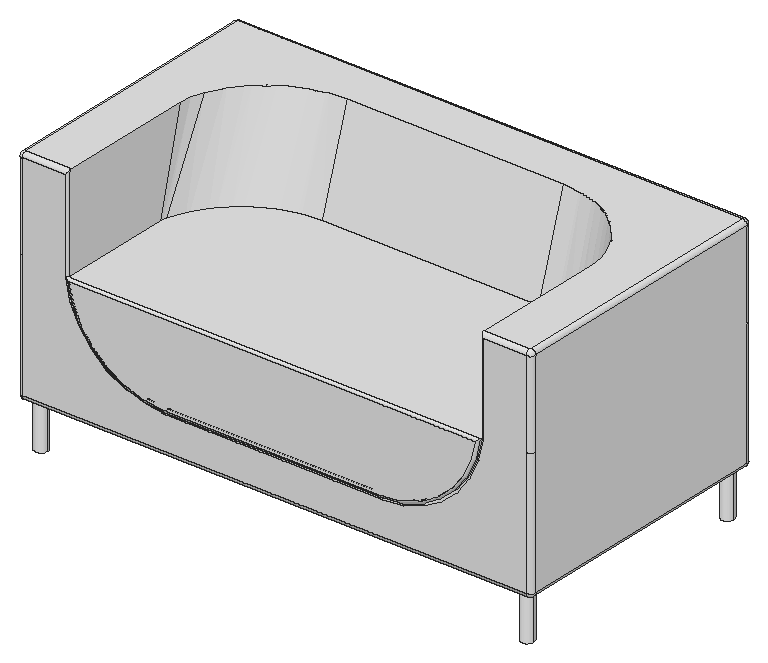
Revit family "HighTower_Berliner_Sofa", category Furniture, Revit 2015
Parameters (values of type "2-Seater")
  Width = 4' - 3"
  URL = "www.hightoweraccess.com"
  Seat Height = 1' - 5 1/2"  # constant formula
  Seat [instance] = Furniture - HIGH TOWER - Berliner - Upholstery
  Product URL = "http://www.hightoweraccess.com/uploads/product/berliner-lounge/Berliner.pdf"
  Model = "S-3915"
  Manufacturer = "HighTower"
  Leg [instance] = Furniture - HIGH TOWER - Berliner - Leg
  Height = 2' - 2 1/2"  # constant formula
  Description = "Berliner 2-Seater"
  Depth = 2' - 3 1/2"  # constant formula
  Assembly Description = "Furniture & Accessories"
  Assembly Code = "E2020200"
Types (3): name | Width | Model | Description
  (no name) | 4' - 3" | "S-3915" | "Berliner 2-Seater"
  2-Seater | 4' - 3" | "S-3915" | "Berliner 2-Seater"
  3-Seater | 5' - 10 3/4" | "S-3918" | "Berliner 3-Seater"
Reference planes
  plane 1 "Center Front/Back": y = -19.111
  plane 2: z = 0
  plane 3 "Center Left/Right": x = 0
  plane 4: x = -647.7
  plane 5: x = 647.7
  plane 6: z = 673.1
  plane 7 "SF": y = -368.361
  plane 8: y = 330.139
  plane 9: through (-5.722, -27.306, 1219.2) normal (-0.6561, 0.7547, 0)
  plane 10: through (0, -22.332, 1219.2) normal (-0.7547, -0.6561, 0)
  plane 11: z = 444.5
  plane 12: x = -612.866
  plane 13: x = 612.866
  plane 14: y = 299.516
  plane 15: y = -330.724
  plane 16: x = -520.7
  plane 17: x = 520.7
  plane 18 "FF": y = -361.347
  plane 19: z = 114.3
Forms (mm)
  Extrusion 1, solid, material "Furniture - HIGH TOWER - Berliner - Upholstery" <- "Seat"
    sketch origin (0, 0, 0) x (1, 0, 0) y (0, 1, 0)
      loop
        arc (-635, 330.139) -> (-643.98, 326.419) -> (-647.7, 317.439) r 12.7
        line (-647.7, 317.439) -> (-647.7, -348.647)
        arc (-647.7, -348.647) -> (-643.98, -357.628) -> (-635, -361.347) r 12.7
        line (-635, -361.347) -> (635, -361.347)
        arc (635, -361.347) -> (643.98, -357.628) -> (647.7, -348.647) r 12.7
        line (647.7, -348.647) -> (647.7, 317.439)
        arc (647.7, 317.439) -> (643.98, 326.419) -> (635, 330.139) r 12.7
        line (635, 330.139) -> (-635, 330.139)
    from 114.3 to 444.5
  Extrusion 2, solid, material "Furniture - HIGH TOWER - Berliner - Upholstery" <- "Seat"
    sketch origin (0, 0, 0) x (1, 0, 0) y (0, 1, 0)
      loop
        arc (-635, 330.139) -> (-643.98, 326.419) -> (-647.7, 317.439) r 12.7
        line (-647.7, 317.439) -> (-647.7, -348.647)
        arc (-647.7, -348.647) -> (-643.98, -357.628) -> (-635, -361.347) r 12.7
        line (-635, -361.347) -> (635, -361.347)
        arc (635, -361.347) -> (643.98, -357.628) -> (647.7, -348.647) r 12.7
        line (647.7, -348.647) -> (647.7, 317.439)
        arc (647.7, 317.439) -> (643.98, 326.419) -> (635, 330.139) r 12.7
        line (635, 330.139) -> (-635, 330.139)
    from 444.5 to 673.1
  Blend 3, void
    base sketch origin (0, 0, 0) x (1, 0, 0) y (0, 1, 0)
      loop
        line (-520.7, -564.547) -> (520.7, -564.547) -> (520.7, -70.843)
        arc (520.7, -70.843) -> (520.182, -63.609) -> (518.64, -56.524) r 50.8
        arc (518.64, -56.524) -> (426.432, 76.251) -> (273.05, 127.295) r 255.969
        line (273.05, 127.295) -> (-273.05, 127.295)
        arc (-273.05, 127.295) -> (-426.432, 76.251) -> (-518.64, -56.524) r 255.969
        arc (-518.64, -56.524) -> (-520.182, -63.609) -> (-520.7, -70.843) r 50.8
        line (-520.7, -70.843) -> (-520.7, -564.547)
    top sketch origin (0, 0, 0) x (1, 0, 0) y (0, 1, 0)
      loop
        line (-520.7, -8.63) -> (-520.7, -564.547) -> (520.7, -564.547) -> (520.7, -8.63)
        arc (520.7, -8.63) -> (517.608, 21.912) -> (508.458, 51.215) r 152.4
        arc (508.458, 51.215) -> (414.102, 164.299) -> (273.05, 206.67) r 255.969
        line (273.05, 206.67) -> (-273.05, 206.67)
        arc (-273.05, 206.67) -> (-414.102, 164.299) -> (-508.458, 51.215) r 255.969
        arc (-508.458, 51.215) -> (-517.608, 21.912) -> (-520.7, -8.63) r 152.4
    from 430.579 to 673.1
  Sweep 4, void
    path origin (0, 0, 673.1) x (1, 0, 0) y (0, 1, 0)
      loop
        line (635, 330.139) -> (-635, 330.139)
        arc (-635, 330.139) -> (-643.98, 326.419) -> (-647.7, 317.439) r 12.7
        line (-647.7, 317.439) -> (-647.7, -348.647)
        arc (-647.7, -348.647) -> (-643.98, -357.628) -> (-635, -361.347) r 12.7
        line (-635, -361.347) -> (635, -361.347)
        arc (635, -361.347) -> (643.98, -357.628) -> (647.7, -348.647) r 12.7
        line (647.7, -348.647) -> (647.7, 317.439)
        arc (647.7, 317.439) -> (643.98, 326.419) -> (635, 330.139) r 12.7
    profile origin (0, 330.139, 673.1) x (0, -1, 0) y (0, 0, 1)
      loop
        arc (11.112, 0) -> (-7.858, 7.858) -> (0, -11.112) r 11.112
        arc (0, -11.112) -> (3.255, -3.255) -> (11.112, 0) r 11.112
  Sweep 5, void
    path origin (0, 0, 114.3) x (1, 0, 0) y (0, 1, 0)
      loop
        arc (647.7, 317.439) -> (643.98, 326.419) -> (635, 330.139) r 12.7
        line (635, 330.139) -> (-635, 330.139)
        arc (-635, 330.139) -> (-643.98, 326.419) -> (-647.7, 317.439) r 12.7
        line (-647.7, 317.439) -> (-647.7, -348.647)
        arc (-647.7, -348.647) -> (-643.98, -357.628) -> (-635, -361.347) r 12.7
        line (-635, -361.347) -> (635, -361.347)
        arc (635, -361.347) -> (643.98, -357.628) -> (647.7, -348.647) r 12.7
        line (647.7, -348.647) -> (647.7, 317.439)
    profile origin (647.7, -15.604, 114.3) x (1, 0, 0) y (0, 0, 1)
      loop
        arc (-11.113, 0) -> (7.858, -7.858) -> (0, 11.112) r 11.112
        arc (0, 11.112) -> (-3.255, 3.255) -> (-11.113, 0) r 11.112
  Extrusion 6, solid, material "Furniture - HIGH TOWER - Berliner - Leg" <- "Leg"
    sketch origin (0, 0, 0) x (1, 0, 0) y (0, 1, 0)
      loop
        circle (-612.866, 299.516) r 15.805
      loop
        circle (612.866, 299.516) r 15.805
      loop
        circle (612.866, -330.724) r 15.805
      loop
        circle (-612.866, -330.724) r 15.805
    from 0 to 114.3
  Extrusion 7, solid, material "Furniture - HIGH TOWER - Berliner - Upholstery" <- "Seat"
    sketch origin (0, -361.347, 0) x (-1, 0, 0) y (0, 0, 1)
      loop
        arc (273.05, 215.951) -> (438.246, 278.451) -> (520.7, 434.649) r 249.566
        line (520.7, 434.649) -> (-520.7, 434.649)
        arc (-520.7, 434.649) -> (-438.246, 278.451) -> (-273.05, 215.951) r 249.566
        line (-273.05, 215.951) -> (273.05, 215.951)
    from -7.014 to 660.863
  Sweep 8, void
    path origin (0, -368.361, 0) x (-1, 0, 0) y (0, 0, 1)
      loop
        line (520.7, 434.649) -> (-520.7, 434.649)
        arc (-520.7, 434.649) -> (-438.246, 278.451) -> (-273.05, 215.951) r 249.566
        line (-273.05, 215.951) -> (273.05, 215.951)
        arc (273.05, 215.951) -> (438.246, 278.451) -> (520.7, 434.649) r 249.566
    profile origin (-438.246, -368.361, 278.451) x (-0.661933, 0, -0.749563) y (0, 1, 0)
      loop
        arc (-6.35, 0) -> (4.49, -4.49) -> (0, 6.35) r 6.35
        arc (0, 6.35) -> (-1.86, 1.86) -> (-6.35, 0) r 6.35
  Sweep 9, void
    path origin (0, -361.347, 0) x (-1, 0, 0) y (0, 0, 1)
      loop
        line (520.7, 739.449) -> (520.7, 434.649)
        arc (520.7, 434.649) -> (438.246, 278.451) -> (273.05, 215.951) r 249.566
        line (273.05, 215.951) -> (-273.05, 215.951)
        arc (-273.05, 215.951) -> (-438.246, 278.451) -> (-520.7, 434.649) r 249.566
        line (-520.7, 434.649) -> (-520.7, 739.449)
    profile origin (-520.7, -361.347, 587.049) x (0, 1, 0) y (-1, 0, 0)
      loop
        arc (6.35, 0) -> (1.86, 1.86) -> (0, 6.35) r 6.35
        arc (0, 6.35) -> (-4.49, -4.49) -> (6.35, 0) r 6.35
  Blend 10, void
    base sketch origin (0, 0, 0) x (1, 0, 0) y (0, 1, 0)
      loop
        line (-273.05, 127.295) -> (273.05, 127.295)
        arc (273.05, 127.295) -> (426.432, 76.251) -> (518.64, -56.524) r 255.969
        arc (518.64, -56.524) -> (520.182, -63.609) -> (520.7, -70.843) r 50.8
        line (520.7, -70.843) -> (520.7, -107.202) -> (612.866, -107.202) -> (612.866, 299.516) -> (-612.866, 299.516) -> (-612.866, -107.202) -> (-520.7, -107.202) -> (-520.7, -70.843)
        arc (-520.7, -70.843) -> (-520.182, -63.609) -> (-518.64, -56.524) r 50.8
        arc (-518.64, -56.524) -> (-426.432, 76.251) -> (-273.05, 127.295) r 255.969
    top sketch origin (0, 0, 0) x (1, 0, 0) y (0, 1, 0)
      loop
        arc (-520.7, -8.63) -> (-517.608, 21.912) -> (-508.458, 51.215) r 152.4
        arc (-508.458, 51.215) -> (-414.102, 164.299) -> (-273.05, 206.67) r 255.969
        line (-273.05, 206.67) -> (273.05, 206.67)
        arc (273.05, 206.67) -> (414.102, 164.299) -> (508.458, 51.215) r 255.969
        arc (508.458, 51.215) -> (517.608, 21.912) -> (520.7, -8.63) r 152.4
        line (520.7, -8.63) -> (520.7, -107.202) -> (612.866, -107.202) -> (612.866, 299.516) -> (-612.866, 299.516) -> (-612.866, -107.202) -> (-520.7, -107.202) -> (-520.7, -8.63)
    from 430.579 to 673.1
Cuts and joins
  Blend 3, Sweep 4, Sweep 5, Sweep 9 cuts Extrusion 1
  Blend 3, Sweep 4, Sweep 5, Sweep 9 cuts Extrusion 2
  joined: Extrusion 1, Extrusion 2
  Sweep 8, Blend 10 cuts Extrusion 7
Dimensions and locks
  equal spacing: plane 4, plane 3 "Center Left/Right", plane 5
  equal spacing: plane 8, plane 1 "Center Front/Back", plane 7 "SF"
  "Width": plane 4 to plane 5
  "Depth": plane 8 to plane 7 "SF"
  "Height": plane 6 to level
  "Seat Height": plane 11 to level
  locked: plane 7 "SF" to plane 15 at 37.637
  locked: plane 8 to plane 14 at 30.623
  locked: plane 4 to plane 12 at 34.834
  locked: plane 13 to plane 5 at 34.834
  locked: plane 4 to plane 16 at 127
  locked: plane 17 to plane 5 at 127
  locked: plane 18 "FF" to plane 7 "SF" at 7.014
  locked: plane 19 to level at 114.3
  locked: Sweep 8 sketch curve to plane 16 at 0
  locked: Sweep 8 sketch curve to plane 17 at 0
  locked: Extrusion 7 sketch curve to plane 16 at 0
  locked: Extrusion 7 sketch curve to plane 17 at 0
  Extrusion 2 to Blend 3 = 0' - 7.986"
  locked: Extrusion 7 sketch curve to plane 16 at 247.65
  locked: Extrusion 7 sketch curve to plane 17 at 247.65
  aligned and locked: Extrusion 1 to plane 19
  aligned and locked: plane 11 to Extrusion 1
  aligned and locked: plane 6 to Extrusion 2
  aligned and locked: Extrusion 2 to plane 11
  aligned and locked: Sweep 4 sketch curve to cut or joined group of Extrusion 1, Extrusion 2, Blend 3, Sweep 4, Sweep 5, Sweep 9  (x4)
  aligned and locked: Sweep 5 sketch curve to cut or joined group of Extrusion 1, Extrusion 2, Blend 3, Sweep 4, Sweep 5, Sweep 9  (x4)
  aligned and locked: Extrusion 6 to plane 19
  aligned and locked: plane 17 to Blend 3 sketch curve  (x2)
  aligned and locked: Blend 3 sketch curve to plane 16  (x2)
  aligned and locked: Blend 3 sketch curve to var sketch
  aligned and locked: Extrusion 7 to plane 7 "SF"
  aligned and locked: plane 14 to Extrusion 7
  aligned and locked: Sweep 8 sketch curve to Extrusion 7  (x2)
  aligned and locked: plane 16 to Sweep 9 sketch curve
  aligned and locked: Sweep 9 sketch curve to plane 17
  aligned and locked: Extrusion 7 sketch curve to cut or joined group of Extrusion 1, Extrusion 2, Blend 3, Sweep 4, Sweep 5, Sweep 9
  aligned and locked: Blend 10 sketch curve to plane 14
  aligned and locked: Blend 10 sketch curve to var sketch  (x3)
  aligned and locked: Blend 10 sketch curve to plane 12  (x2)
  aligned and locked: plane 13 to Blend 10 sketch curve  (x2)
Automatic sketch dimensions
  Extrusion 1 sketch curve to plane 4 = 0' - 0"
  Extrusion 1 sketch curve to plane 18 "FF" = 0' - 0"
  Extrusion 1 sketch curve to plane 8 = 0' - 0"
  Extrusion 1 sketch curve to plane 5 = 0' - 0"
  plane 4 to Extrusion 1 sketch curve = 0' - 0 1/2"  (x2)
  plane 5 to Extrusion 1 sketch curve = 0' - 0 1/2"  (x2)
  Extrusion 2 sketch curve to plane 4 = 0' - 0"
  Extrusion 2 sketch curve to plane 18 "FF" = 0' - 0"
  Extrusion 2 sketch curve to plane 8 = 0' - 0"
  Extrusion 2 sketch curve to plane 5 = 0' - 0"
  plane 4 to Extrusion 2 sketch curve = 0' - 0 1/2"  (x2)
  plane 5 to Extrusion 2 sketch curve = 0' - 0 1/2"  (x2)
  plane 16 to Blend 3 sketch curve = 0' - 0.0811"
  Blend 3 sketch curve to Blend 3 sketch curve = 0' - 0"  (x3)
  Blend 3 sketch curve to Blend 3 sketch curve = 0' - 1.9189"
  plane 16 to Blend 3 sketch curve = 0' - 9 3/4"
  plane 1 "Center Front/Back" to Blend 3 sketch curve = 0' - 4.31353"
  plane 17 to Blend 3 sketch curve = 0' - 9 3/4"  (x2)
  plane 17 to Blend 3 sketch curve = 0' - 2"
  plane 17 to Blend 3 sketch curve = 0' - 0.0811"
  Blend 3 sketch curve to plane 7 "SF" = 0' - 7.72387"
  plane 16 to Blend 3 sketch curve = 0' - 0.48196"
  Blend 3 sketch curve to plane 1 "Center Front/Back" = 0' - 0.41265"  (x2)
  plane 16 to Blend 3 sketch curve = 0' - 6"
  plane 1 "Center Front/Back" to Blend 3 sketch curve = 0' - 1.18853"  (x2)
  Blend 3 sketch curve to Blend 3 sketch curve = 0' - 3 3/4"
  Sweep 4 sketch curve to profile plane = 0' - 0"  (x2)
  Sweep 4 sketch curve to profile plane = 0' - 0 7/16"
  Sweep 5 sketch curve to profile plane = 0' - 0"
  profile plane to Sweep 5 sketch curve = 0' - 0"
  Sweep 5 sketch curve to Sweep 5 sketch curve = 0' - 0 7/16"
  Extrusion 6 sketch curve to plane 12 = 0' - 0"  (x2)
  Extrusion 6 sketch curve to plane 13 = 0' - 0"  (x2)
  plane 15 to Extrusion 6 sketch curve = 0' - 0"
  Extrusion 6 sketch curve to plane 15 = 0' - 0"
  plane 14 to Extrusion 6 sketch curve = 0' - 0"
  Extrusion 6 sketch curve to plane 14 = 0' - 0"
  plane 11 to Extrusion 7 sketch curve = 0' - 0.82745"
  profile plane to Sweep 8 sketch curve = 0' - 0"
  Sweep 8 sketch curve to profile plane = 0' - 0"
  Sweep 8 sketch curve to Sweep 8 sketch curve = 0' - 0 1/4"
  plane 11 to Sweep 9 sketch curve = 0' - 0.82745"
  plane 17 to Sweep 9 sketch curve = 0' - 9 3/4"
  plane 16 to Sweep 9 sketch curve = 0' - 9 3/4"
  level to Sweep 9 sketch curve = 1' - 6.32745"
  Sweep 9 sketch curve to plane 11 = 0' - 0.38785"
  plane 6 to Sweep 9 sketch curve = 0' - 2.61215"  (x2)
  Sweep 9 sketch curve to plane 18 "FF" = 0' - 0"
  Sweep 9 sketch curve to profile plane = 0' - 0"
  plane 18 "FF" to Sweep 9 sketch curve = 0' - 0 1/4"
  Blend 10 sketch curve to plane 16 = 0' - 0"  (x2)
  Blend 10 sketch curve to plane 17 = 0' - 0"  (x2)
  plane 16 to Blend 10 sketch curve = 0' - 0.0811"
  Blend 10 sketch curve to Blend 10 sketch curve = 0' - 0"  (x3)
  Blend 10 sketch curve to Blend 10 sketch curve = 0' - 1.9189"
  plane 16 to Blend 10 sketch curve = 0' - 9 3/4"
  plane 17 to Blend 10 sketch curve = 0' - 9 3/4"  (x2)
  plane 17 to Blend 10 sketch curve = 0' - 2"
  plane 17 to Blend 10 sketch curve = 0' - 0.0811"
  Blend 10 sketch curve to plane 1 "Center Front/Back" = 0' - 5.764"
  Blend 10 sketch curve to Blend 10 sketch curve = 0' - 1.43147"  (x2)
  plane 16 to Blend 10 sketch curve = 0' - 0.48196"
  Blend 10 sketch curve to plane 1 "Center Front/Back" = 0' - 0.41265"  (x2)
  plane 16 to Blend 10 sketch curve = 0' - 6"
  plane 1 "Center Front/Back" to Blend 10 sketch curve = 0' - 1.18853"
  Blend 10 sketch curve to Blend 10 sketch curve = 0' - 3 3/4"
  plane 17 to Blend 10 sketch curve = 0' - 0.48196"
  radius of Extrusion 6 sketch curve = 0' - 0.62226"  (x4)
